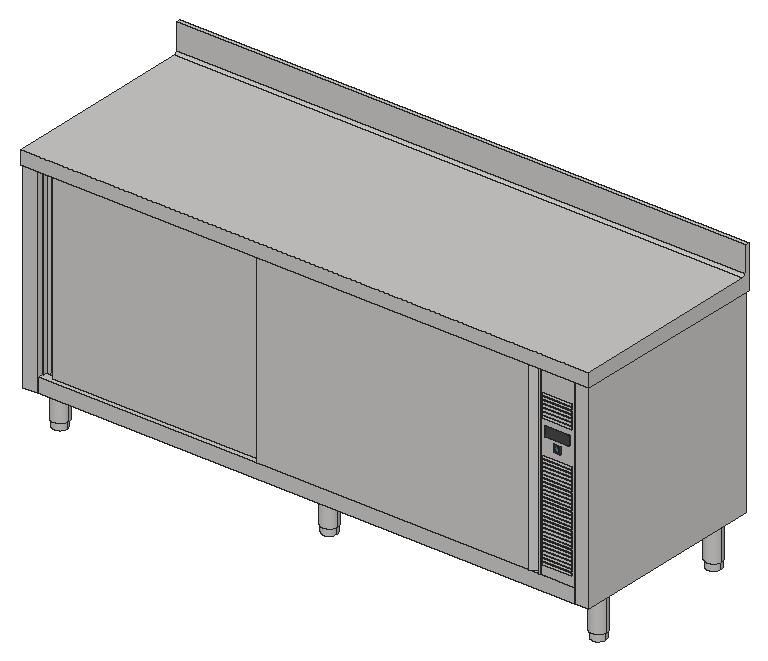
Revit family "QF_ZANUSSI_132795_MTC2010PN", category Attrezzature speciali, Revit 2020
Family settings
  Quota connettore circolare = Usa diametro
  Tipo di parte = Normale
  Basato su piano di lavoro = No
  Sempre verticale = Sì
  Taglio con vuoti quando caricato = No
  Condiviso = No
  Punto di calcolo locali = No
Parameters (values of type "Standard")
  Weight = 75.00 kg
  Watts = 2400 W
  Volts = 220 V
  URL Manufacturer = "http://www.zanussiprofessional.com"
  URL = "http://www.zanussiprofessional.com"
  Steam Supply Size = 0 mm
  Steam Supply Minimum Pressure = 0.0 Pa
  Steam Supply Maximum Pressure = 0.0 Pa
  Steam Consumption per Hour = 0
  Refrigeration Suction Line Size = 0.0 mm
  Refrigeration Liquid Line Size = 0.0 mm
  Refrigerant Compressor Remote = yes
  Prospetto di default = 0.0 mm
  Produttore = "Zanussi"
  Phase = 1
  Modello = "MTC2010PN"
  Length Actual = 2000.0 mm  # constant formula
  Item Number = "132795"
  Hot Water Size = 0 mm
  Height Actual = 1000.0 mm  # constant formula
  HP = "3.2 HP"
  Gas Size = 0 mm
  Gas KW = 0
  Gas Input Pressure = 0 W
  Direct Waste Size = 0 mm
  Descrizione = "HOT CUPB.VENT+UPST+SHELF+SLIDING D. 2000"
  Depth Actual = 700.0 mm  # constant formula
  Cycle = 50 Hz
  Condensate Return Size = 0 mm
  Compressed Air Volume = 0.0 L/s
  Compressed Air Size = 0 mm
  Compressed Air Pressure = 0.0 Pa
  Cold Water Size = 0 mm
  Accessory = yes
Reference planes
  plane 1 "Center (Front/Back)": y = 0
  plane 2: z = 0
  plane 3 "Center (Left/Right)": x = -500
  plane 4 "LEFT": x = -1500
  plane 5 "RIGHT": x = 500
  plane 6 "BACK": y = 350
  plane 7 "FRONT": y = -350
  plane 8 "Base": z = 850
  plane 9 "TOP": z = 900
  plane 10: x = -1446.5
  plane 11: x = 446.5
  plane 12: y = 264.5
  plane 13: y = -241.5
  plane 14 "BodyLeft": x = -1494.5
  plane 15 "BodyFront": y = -344.5
  plane 16 "BodyRight": x = 494.5
  plane 17 "BodyBack": y = 344.5
  plane 18 "FEET": z = 150
  plane 19: x = 324.5
  plane 20: x = -561
  plane 21: x = 444.5
  plane 22 "EIx": x = 400
  plane 23 "EIy": y = -170
Forms (mm)
  Extrusion 1, solid, material "QF_Finishes_Stainless Steel"
    sketch origin (-500, 0, 0) x (0, 1, 0) y (0, 0, 1)
      loop
        line (-350, 850) -> (350, 850) -> (350, 1000) -> (337, 1000) -> (337, 910)
        arc (337, 910) -> (334.071, 902.929) -> (327, 900) r 10
        line (327, 900) -> (-350, 900) -> (-350, 850)
    from 1000 to -1000
  Extrusion 2, solid, material "QF_Finishes_Stainless Steel"
    sketch origin (0, 0, 150) x (-1, 0, 0) y (0, -1, 0)
      loop
        line (1494.5, -344.5) -> (1494.5, 344.5) -> (1444.5, 344.5) -> (1444.5, -344.5) -> (1494.5, -344.5)
      loop
        line (-444.5, -344.5) -> (-444.5, 344.5) -> (-494.5, 344.5) -> (-494.5, -344.5) -> (-444.5, -344.5)
    from 0 to 700
  Extrusion 3, solid, material "QF_Finishes_Stainless Steel"
    sketch origin (0, 0, 150) x (-1, 0, 0) y (0, -1, 0)
      loop
        line (1444.5, -344.5) -> (1444.5, 344.5) -> (-444.5, 344.5) -> (-444.5, -344.5) -> (1444.5, -344.5)
    from 0 to 50
  Extrusion 4, solid, material "QF_Finishes_Stainless Steel"
    sketch origin (-1, 0, 150) x (-1, 0, 0) y (0, -1, 0)
      loop
        line (-325.5, 344.5) -> (-325.5, 324.5) -> (670.5, 324.5) -> (670.5, 344.5) -> (-285.5, 344.5) -> (-305.5, 329.5) -> (-320.5, 329.5) -> (-320.5, 344.5) -> (-325.5, 344.5)
    from 50 to 700
  Extrusion 5, solid, material "QF_Finishes_Stainless Steel"
    sketch origin (1, 20, 150) x (1, 0, 0) y (0, 1, 0)
      loop
        line (-1445.5, -344.5) -> (-1440.5, -344.5) -> (-1440.5, -329.5) -> (-1425.5, -329.5) -> (-1405.5, -344.5) -> (-451.5, -344.5) -> (-451.5, -324.5) -> (-1445.5, -324.5) -> (-1445.5, -344.5)
    from 50 to 700
  Extrusion 6, solid, material "QF_Finishes_Stainless Steel"
    sketch origin (0, 0, 0) x (1, 0, 0) y (0, 1, 0)
      loop
        line (-1444.5, -304.5) -> (324.5, -304.5) -> (324.5, 324.5) -> (-1444.5, 324.5) -> (-1444.5, -304.5)
    from 500 to 540
  Extrusion 7, solid, material "QF_Finishes_Stainless Steel"
    sketch origin (0, 0, 0) x (1, 0, 0) y (0, 1, 0)
      loop
        line (444.5, 344.5) -> (-1444.5, 344.5) -> (-1444.5, 324.5) -> (444.5, 324.5) -> (444.5, 344.5)
    from 200 to 850
  Extrusion 8, solid, material "QF_Finishes_Stainless Steel"
    sketch origin (0, 0, 150) x (-1, 0, 0) y (0, -1, 0)
      loop
        circle (-400, 170) r 10
    from 0 to -5
Cuts and joins
  joined: Extrusion 3, Extrusion 7
Lines and regions (mm)
  symbolic lines
    curve 1: line (500, 350, 900) -> (-1500, 350, 900)
    curve 2: line (-1500, 350, 900) -> (-1500, -350, 900)
    curve 3: line (-1500, -350, 900) -> (500, -350, 900)
    curve 4: line (500, -350, 900) -> (500, 350, 900)
    curve 15: line (500, 337, 900) -> (-1500, 337, 900)
  symbolic lines, style "SpecialityEquipmentHiddenLines"
    curve 5: line (-1494.5, 344.5, 150) -> (494.5, 344.5, 150)
    curve 6: line (-1494.5, -344.5, 150) -> (-1494.5, 344.5, 150)
    curve 7: line (494.5, -344.5, 150) -> (-1494.5, -344.5, 150)
    curve 8: line (494.5, 344.5, 150) -> (494.5, -344.5, 150)
    curve 9: line (-1445.5, -304.5, 150) -> (-449.5, -304.5, 150)
    curve 10: line (-449.5, -304.5, 150) -> (-449.5, -324.5, 150)
    curve 11: line (-1445.5, -324.5, 150) -> (324.5, -324.5, 150)
    curve 12: line (324.5, -324.5, 150) -> (324.5, -344.5, 150)
    curve 13: line (-1445.5, -304.5, 150) -> (-1445.5, -324.5, 150)
    curve 14: line (-671.5, -344.5, 0) -> (-671.5, -324.5, 0)
Dimensions and locks
  plane 4 "LEFT" to plane 5 "RIGHT" = 2000.0 mm
  equal spacing: plane 4 "LEFT", plane 3 "Center (Left/Right)", plane 5 "RIGHT"
  locked: plane 8 "Base" to level at 850
  plane 6 "BACK" to plane 7 "FRONT" = 700.0 mm
  equal spacing: plane 6 "BACK", plane 1 "Center (Front/Back)", plane 7 "FRONT"
  locked: plane 4 "LEFT" to plane 14 "BodyLeft" at 5.5
  locked: plane 16 "BodyRight" to plane 5 "RIGHT" at 5.5
  locked: plane 15 "BodyFront" to plane 7 "FRONT" at 5.5
  locked: plane 6 "BACK" to plane 17 "BodyBack" at 5.5
  locked: plane 14 "BodyLeft" to plane 10 at 48
  locked: plane 11 to plane 16 "BodyRight" at 48
  locked: plane 13 to plane 15 "BodyFront" at 103
  locked: plane 17 "BodyBack" to plane 12 at 80
  plane 10 to plane 11 = 1893.0 mm
  plane 12 to plane 13 = 506.0 mm
  locked: plane 14 "BodyLeft" to Extrusion 2 sketch curve at 50
  locked: Extrusion 2 sketch curve to Extrusion 2 sketch curve at 50
  equal spacing: plane 10, plane 20, plane 19
  locked: plane 21 to plane 16 "BodyRight" at 50
  locked: plane 19 to plane 21 at 120
  locked: Extrusion 4 sketch curve to plane 20 at 110.5
  locked: plane 20 to Extrusion 5 sketch curve at 110.5
  locked: plane 18 "FEET" to level at 150
  locked: plane 22 "EIx" to plane 5 "RIGHT" at 100
  plane 23 "EIy" to plane 7 "FRONT" = 180.0 mm
  locked: Extrusion 1 to level at 1000
  plane 9 "TOP" to level = 900.0 mm
  aligned and locked: level to plane 2
  aligned and locked: plane 10 to nested 1
  aligned and locked: nested 1 to plane 13
  aligned and locked: plane 11 to nested 2
  aligned and locked: nested 2 to plane 13
  aligned and locked: plane 11 to nested 4
  aligned and locked: nested 4 to plane 12
  aligned and locked: plane 10 to nested 3
  aligned and locked: nested 3 to plane 12
  aligned and locked: Extrusion 1 to plane 4 "LEFT"
  aligned and locked: plane 5 "RIGHT" to Extrusion 1
  aligned and locked: curve 2 to plane 4 "LEFT"
  aligned and locked: plane 17 "BodyBack" to Extrusion 2 sketch curve
  aligned and locked: Extrusion 2 sketch curve to plane 15 "BodyFront"
  aligned and locked: Extrusion 2 sketch curve to plane 14 "BodyLeft"
  aligned and locked: plane 16 "BodyRight" to Extrusion 2 sketch curve
  aligned and locked: Extrusion 2 sketch curve to plane 17 "BodyBack"
  aligned and locked: plane 15 "BodyFront" to Extrusion 2 sketch curve
  aligned and locked: Extrusion 3 sketch curve to plane 17 "BodyBack"
  aligned and locked: plane 15 "BodyFront" to Extrusion 3 sketch curve
  aligned and locked: plane 8 "Base" to Extrusion 2
  aligned and locked: plane 8 "Base" to Extrusion 4
  aligned and locked: Extrusion 4 to Extrusion 3
  aligned and locked: Extrusion 1 to plane 8 "Base"
  aligned and locked: plane 9 "TOP" to Extrusion 1
  aligned and locked: curve 5 to plane 17 "BodyBack"
  aligned and locked: plane 14 "BodyLeft" to curve 6
  aligned and locked: plane 15 "BodyFront" to curve 7
  aligned and locked: plane 16 "BodyRight" to curve 8
  aligned and locked: Extrusion 3 to Extrusion 2  (x2)
  aligned and locked: Extrusion 6 sketch curve to Extrusion 2
  aligned and locked: Extrusion 6 sketch curve to Extrusion 5
  aligned and locked: nested 5 to plane 21
  aligned and locked: Extrusion 7 sketch curve to Extrusion 2
  aligned and locked: Extrusion 6 sketch curve to plane 19
  aligned and locked: plane 3 "Center (Left/Right)" to nested 6
  aligned and locked: plane 3 "Center (Left/Right)" to nested 7
Automatic sketch dimensions
  Extrusion 8 sketch curve to plane 22 "EIx" = 0.0 mm
  Extrusion 8 sketch curve to plane 23 "EIy" = 0.0 mm
  curve 14 to plane 15 "BodyFront" = 0.0 mm
  plane 15 "BodyFront" to curve 14 = 20.0 mm
  curve 14 to plane 20 = 110.5 mm
  curve 3 to plane 7 "FRONT" = 0.0 mm
  curve 15 to plane 5 "RIGHT" = 0.0 mm
  curve 4 to plane 6 "BACK" = 0.0 mm
  curve 15 to plane 17 "BodyBack" = 7.5 mm
  Extrusion 1 sketch curve to plane 7 "FRONT" = 0.0 mm
  Extrusion 1 sketch curve to plane 9 "TOP" = 0.0 mm
  Extrusion 1 sketch curve to plane 6 "BACK" = 0.0 mm
  Extrusion 1 sketch curve to plane 8 "Base" = 0.0 mm
  Extrusion 1 sketch curve to plane 17 "BodyBack" = 17.5 mm
  Extrusion 1 sketch curve to plane 17 "BodyBack" = 7.5 mm
  Extrusion 1 sketch curve to Extrusion 1 sketch curve = 90.0 mm
  Extrusion 3 sketch curve to plane 21 = 0.0 mm
  plane 10 to Extrusion 3 sketch curve = 2.0 mm
  Extrusion 4 sketch curve to plane 19 = 0.0 mm
  Extrusion 4 sketch curve to plane 15 "BodyFront" = 0.0 mm  (x2)
  Extrusion 4 sketch curve to Extrusion 4 sketch curve = 5.0 mm
  Extrusion 4 sketch curve to Extrusion 4 sketch curve = 15.0 mm  (x2)
  Extrusion 4 sketch curve to Extrusion 4 sketch curve = 20.0 mm
  plane 15 "BodyFront" to Extrusion 4 sketch curve = 20.0 mm
  Extrusion 5 sketch curve to plane 15 "BodyFront" = 20.0 mm  (x2)
  Extrusion 5 sketch curve to plane 10 = 42.0 mm
  Extrusion 5 sketch curve to plane 10 = 22.0 mm
  Extrusion 5 sketch curve to plane 10 = 7.0 mm
  Extrusion 5 sketch curve to plane 10 = 2.0 mm
  Extrusion 5 sketch curve to Extrusion 5 sketch curve = 15.0 mm
  Extrusion 5 sketch curve to Extrusion 5 sketch curve = 20.0 mm
  Extrusion 6 sketch curve to plane 17 "BodyBack" = 20.0 mm
  Extrusion 7 sketch curve to plane 21 = 0.0 mm
  Extrusion 7 sketch curve to plane 17 "BodyBack" = 0.0 mm
  Extrusion 7 sketch curve to Extrusion 7 sketch curve = 20.0 mm
  curve 11 to plane 19 = 0.0 mm
  curve 7 to plane 15 "BodyFront" = 0.0 mm
  plane 3 "Center (Left/Right)" to curve 10 = 50.5 mm
  plane 10 to curve 13 = 1.0 mm
  plane 15 "BodyFront" to curve 9 = 40.0 mm
  plane 15 "BodyFront" to curve 13 = 20.0 mm
  radius of Extrusion 8 sketch curve = 10.0 mm
Nested families
  nested 1: "FEET_D58-150" at (-1446.5, -241.5, 0), type "FEET_D58-150"
  nested 2: "FEET_D58-150" at (446.5, -241.5, 0), type "FEET_D58-150"
  nested 3: "FEET_D58-150" at (-1446.5, 264.5, 0), type "FEET_D58-150"
  nested 4: "FEET_D58-150" at (446.5, 264.5, 0), type "FEET_D58-150"
  nested 5: "WT_PNL120x650" at (531.42, -304.5, 600) x (1, 0, 0) z (0, -1, 0), type "WT_PNL120x650"
    with Show Logo yes
  nested 6: "FEET_D58-150" at (-500, -241.5, 0), type "FEET_D58-150"
  nested 7: "FEET_D58-150" at (-500, 264.5, 0), type "FEET_D58-150"
Connectors
  electrical at (400, -170, 145)
    settings: on Extrusion 8, index 1, voltage 0 V, apparent load 0 VA, apparent load phase1 0 VA, apparent load phase2 0 VA, apparent load phase3 0 VA, power factor 1, load classification "Other", number of poles 1, system type 30, power factor state 1, is connector primary yes, connector utility no, sub classification motor no, connector description "Electrical connection"
Definition of nested family "FEET_D58-150"
  Parameters
    Default Elevation = 0.0 mm
    FEET = 150.0 mm
  Reference planes
    plane 1 "Center (Front/Back)": y = 0
    plane 2: z = 0
    plane 3 "Center (Left/Right)": x = 0
    plane 4: z = 150
  Forms (mm)
    Extrusion 1, solid
      sketch origin (0, 0, 0) x (1, 0, 0) y (0, 1, 0)
        loop
          circle (0, 0) r 25
      from 0 to 25
    Extrusion 2, solid
      sketch origin (0, 0, 0) x (1, 0, 0) y (0, 1, 0)
        loop
          circle (0.061, 0) r 29
      from 25 to 150 <- "FEET"
  Lines and regions (mm)
    symbolic lines
      curve 1: line (0, -1.503, 0) -> (0, 1.508, 0)
      curve 2: line (1.561, 0, 0) -> (-1.439, 0, 0)
  Dimensions and locks
    "FEET": plane 4 to plane 2
    aligned and locked: level to plane 2
  Automatic sketch dimensions
    plane 1 "Center (Front/Back)" to Extrusion 1 sketch curve = 0.0 mm
    Extrusion 1 sketch curve to plane 3 "Center (Left/Right)" = 0.0 mm
    plane 1 "Center (Front/Back)" to curve 2 = 0.0 mm
    curve 1 to plane 3 "Center (Left/Right)" = 0.0 mm
    curve 2 to plane 3 "Center (Left/Right)" = 1.439 mm
    plane 3 "Center (Left/Right)" to curve 2 = 1.561 mm
    plane 1 "Center (Front/Back)" to curve 1 = 1.503 mm
    curve 1 to plane 1 "Center (Front/Back)" = 1.508 mm
    plane 1 "Center (Front/Back)" to Extrusion 2 sketch curve = 0.0 mm
    plane 3 "Center (Left/Right)" to Extrusion 2 sketch curve = 0.061 mm
    radius of Extrusion 1 sketch curve = 25.0 mm
    radius of Extrusion 2 sketch curve = 29.0 mm
Definition of nested family "WT_PNL120x650"
  Parameters
    Show Logo [instance] = yes
    Default Elevation = 1219.2 mm
  Reference planes
    plane 1 "Center (Front/Back)": y = -75
    plane 2: z = 0
    plane 3 "Center (Left/Right)": x = -146.92
    plane 4: x = -206.92
    plane 5: x = -86.92
    plane 6: y = 250
    plane 7: y = -400
    plane 8 "TOP": z = 40
  Forms (mm)
    Extrusion 1, solid
      sketch origin (0, 0, 0) x (1, 0, 0) y (0, 1, 0)
        loop
          line (-1219.2, 1219.2) -> (-1219.2, -1219.2) -> (1219.2, -1219.2) -> (1219.2, 1219.2) -> (-1219.2, 1219.2)
      from 0 to -304.8
    Extrusion 2, solid
      sketch origin (0, 0, 0) x (1, 0, 0) y (0, 1, 0)
        loop
          line (-206.92, 250) -> (-206.92, -400) -> (-86.92, -400) -> (-86.92, 250) -> (-206.92, 250)
      from 0 to 40
    Extrusion 3, void
      sketch origin (0, 0, 40) x (-1, 0, 0) y (0, -1, 0)
        loop
          arc (101.92, -68.899) -> (103.795, -73.256) -> (108.247, -74.89) r 6
          line (108.247, -74.89) -> (185.92, -74.89)
          arc (185.92, -74.89) -> (190.163, -73.133) -> (191.92, -68.89) r 6
          line (191.92, -68.89) -> (191.92, -45.89)
          arc (191.92, -45.89) -> (190.163, -41.648) -> (185.92, -39.89) r 6
          line (185.92, -39.89) -> (107.92, -39.89)
          arc (107.92, -39.89) -> (103.677, -41.648) -> (101.92, -45.89) r 6
          line (101.92, -45.89) -> (101.92, -68.899)
        loop
          line (158.92, -27.89) -> (158.92, -2.89) -> (134.92, -2.89) -> (134.92, -27.89) -> (158.92, -27.89)
      from -2 to 0
    Extrusion 4, solid
      sketch origin (0, 0, 40) x (-1, 0, 0) y (0, -1, 0)
        loop
          line (185.92, -39.89) -> (107.92, -39.89)
          arc (107.92, -39.89) -> (103.677, -41.648) -> (101.92, -45.89) r 6
          line (101.92, -45.89) -> (101.92, -68.899)
          arc (101.92, -68.899) -> (103.795, -73.256) -> (108.247, -74.89) r 6
          line (108.247, -74.89) -> (185.92, -74.89)
          arc (185.92, -74.89) -> (190.163, -73.133) -> (191.92, -68.89) r 6
          line (191.92, -68.89) -> (191.92, -45.89)
          arc (191.92, -45.89) -> (190.163, -41.648) -> (185.92, -39.89) r 6
      from -2 to 1
    Extrusion 5, solid
      sketch origin (-146.92, 0, 0) x (0, 1, 0) y (0, 0, 1)
        loop
          line (95.896, 40) -> (104.899, 40) -> (95.896, 41.206) -> (95.896, 40)
        loop
          line (107.896, 40) -> (116.899, 40) -> (107.896, 41.206) -> (107.896, 40)
        loop
          line (119.896, 40) -> (128.899, 40) -> (119.896, 41.206) -> (119.896, 40)
        loop
          line (131.896, 40) -> (140.899, 40) -> (131.896, 41.206) -> (131.896, 40)
        loop
          line (143.896, 40) -> (152.899, 40) -> (143.896, 41.206) -> (143.896, 40)
        loop
          line (155.896, 40) -> (164.899, 40) -> (155.896, 41.206) -> (155.896, 40)
        loop
          line (167.896, 40) -> (176.899, 40) -> (167.896, 41.206) -> (167.896, 40)
        loop
          line (-102.104, 40) -> (-93.101, 40) -> (-102.104, 41.206) -> (-102.104, 40)
        loop
          line (-90.104, 40) -> (-81.101, 40) -> (-90.104, 41.206) -> (-90.104, 40)
        loop
          line (-78.104, 40) -> (-69.101, 40) -> (-78.104, 41.206) -> (-78.104, 40)
        loop
          line (-66.104, 40) -> (-57.101, 40) -> (-66.104, 41.206) -> (-66.104, 40)
        loop
          line (-54.104, 40) -> (-45.101, 40) -> (-54.104, 41.206) -> (-54.104, 40)
        loop
          line (-42.104, 40) -> (-33.101, 40) -> (-42.104, 41.206) -> (-42.104, 40)
        loop
          line (-30.104, 40) -> (-21.101, 40) -> (-30.104, 41.206) -> (-30.104, 40)
        loop
          line (-174.104, 40) -> (-165.101, 40) -> (-174.104, 41.206) -> (-174.104, 40)
        loop
          line (-162.104, 40) -> (-153.101, 40) -> (-162.104, 41.206) -> (-162.104, 40)
        loop
          line (-150.104, 40) -> (-141.101, 40) -> (-150.104, 41.206) -> (-150.104, 40)
        loop
          line (-138.104, 40) -> (-129.101, 40) -> (-138.104, 41.206) -> (-138.104, 40)
        loop
          line (-126.104, 40) -> (-117.101, 40) -> (-126.104, 41.206) -> (-126.104, 40)
        loop
          line (-114.104, 40) -> (-105.101, 40) -> (-114.104, 41.206) -> (-114.104, 40)
        loop
          line (-246.104, 40) -> (-237.101, 40) -> (-246.104, 41.206) -> (-246.104, 40)
        loop
          line (-234.104, 40) -> (-225.101, 40) -> (-234.104, 41.206) -> (-234.104, 40)
        loop
          line (-222.104, 40) -> (-213.101, 40) -> (-222.104, 41.206) -> (-222.104, 40)
        loop
          line (-210.104, 40) -> (-201.101, 40) -> (-210.104, 41.206) -> (-210.104, 40)
        loop
          line (-198.104, 40) -> (-189.101, 40) -> (-198.104, 41.206) -> (-198.104, 40)
        loop
          line (-186.104, 40) -> (-177.101, 40) -> (-186.104, 41.206) -> (-186.104, 40)
        loop
          line (-318.104, 40) -> (-309.101, 40) -> (-318.104, 41.206) -> (-318.104, 40)
        loop
          line (-306.104, 40) -> (-297.101, 40) -> (-306.104, 41.206) -> (-306.104, 40)
        loop
          line (-294.104, 40) -> (-285.101, 40) -> (-294.104, 41.206) -> (-294.104, 40)
        loop
          line (-282.104, 40) -> (-273.101, 40) -> (-282.104, 41.206) -> (-282.104, 40)
        loop
          line (-270.104, 40) -> (-261.101, 40) -> (-270.104, 41.206) -> (-270.104, 40)
        loop
          line (-258.104, 40) -> (-249.101, 40) -> (-258.104, 41.206) -> (-258.104, 40)
        loop
          line (-366.104, 40) -> (-357.101, 40) -> (-366.104, 41.206) -> (-366.104, 40)
        loop
          line (-354.104, 40) -> (-345.101, 40) -> (-354.104, 41.206) -> (-354.104, 40)
        loop
          line (-342.104, 40) -> (-333.101, 40) -> (-342.104, 41.206) -> (-342.104, 40)
        loop
          line (-330.104, 40) -> (-321.101, 40) -> (-330.104, 41.206) -> (-330.104, 40)
      from -50 to 50
    Extrusion 6, solid
      sketch origin (0, 0, 40) x (-1, 0, 0) y (0, -1, 0)
        loop
          line (134.92, -27.89) -> (158.92, -27.89) -> (158.92, -2.89) -> (134.92, -2.89) -> (134.92, -27.89)
        loop
          circle (146.92, -15.39) r 9
      from -2 to 3
    Extrusion 7, solid
      sketch origin (0, 0, 40) x (-1, 0, 0) y (0, -1, 0)
        loop
          circle (146.92, -15.39) r 9
      from 0 to 3
  Cuts and joins
    Extrusion 3 cuts Extrusion 2
  Dimensions and locks
    equal spacing: plane 6, plane 1 "Center (Front/Back)", plane 7
    equal spacing: plane 4, plane 3 "Center (Left/Right)", plane 5
    plane 8 "TOP" to level = 40.0 mm
    aligned and locked: plane 2 to Extrusion 1
    aligned and locked: level to Extrusion 1
  Automatic sketch dimensions
    Extrusion 1 sketch curve to Extrusion 1 sketch curve = 2438.4 mm  (x2)
    Extrusion 2 sketch curve to plane 4 = 0.0 mm
    Extrusion 2 sketch curve to plane 5 = 0.0 mm
    Extrusion 2 sketch curve to plane 7 = 0.0 mm
    Extrusion 2 sketch curve to plane 6 = 0.0 mm
    Extrusion 5 sketch curve to plane 8 "TOP" = 0.0 mm  (x36)
    Extrusion 5 sketch curve to Extrusion 5 sketch curve = 9.003 mm  (x35)
    plane 8 "TOP" to Extrusion 5 sketch curve = 1.206 mm  (x22)
    Extrusion 5 sketch curve to Extrusion 5 sketch curve = 2.997 mm  (x33)
    plane 1 "Center (Front/Back)" to Extrusion 5 sketch curve = 6.101 mm
    plane 1 "Center (Front/Back)" to Extrusion 5 sketch curve = 3.104 mm
    Extrusion 5 sketch curve to plane 1 "Center (Front/Back)" = 5.899 mm
    Extrusion 5 sketch curve to Extrusion 5 sketch curve = 116.997 mm
    Extrusion 5 sketch curve to Extrusion 5 sketch curve = 1.206 mm  (x14)
    Extrusion 4 sketch curve to plane 5 = 15.0 mm
    Extrusion 4 sketch curve to Extrusion 4 sketch curve = 6.0 mm  (x3)
    Extrusion 4 sketch curve to Extrusion 4 sketch curve = 0.327 mm
    plane 4 to Extrusion 4 sketch curve = 21.0 mm  (x2)
    Extrusion 4 sketch curve to plane 1 "Center (Front/Back)" = 149.89 mm
    Extrusion 4 sketch curve to Extrusion 4 sketch curve = 23.009 mm
    Extrusion 3 sketch curve to plane 5 = 15.0 mm
    Extrusion 3 sketch curve to Extrusion 3 sketch curve = 6.0 mm  (x3)
    Extrusion 3 sketch curve to Extrusion 3 sketch curve = 0.327 mm
    plane 3 "Center (Left/Right)" to Extrusion 3 sketch curve = 12.0 mm
    Extrusion 3 sketch curve to plane 3 "Center (Left/Right)" = 12.0 mm
    plane 4 to Extrusion 3 sketch curve = 21.0 mm  (x2)
    Extrusion 3 sketch curve to plane 1 "Center (Front/Back)" = 149.89 mm
    Extrusion 3 sketch curve to Extrusion 3 sketch curve = 23.0 mm
    Extrusion 3 sketch curve to Extrusion 3 sketch curve = 12.0 mm
    Extrusion 3 sketch curve to Extrusion 3 sketch curve = 25.0 mm
    Extrusion 6 sketch curve to plane 3 "Center (Left/Right)" = 0.0 mm
    plane 3 "Center (Left/Right)" to Extrusion 6 sketch curve = 12.0 mm
    Extrusion 6 sketch curve to plane 3 "Center (Left/Right)" = 12.0 mm
    Extrusion 6 sketch curve to plane 1 "Center (Front/Back)" = 102.89 mm
    Extrusion 6 sketch curve to Extrusion 6 sketch curve = 12.5 mm  (x2)
    Extrusion 7 sketch curve to plane 3 "Center (Left/Right)" = 0.0 mm
    Extrusion 7 sketch curve to plane 1 "Center (Front/Back)" = 90.39 mm
    radius of Extrusion 6 sketch curve = 9.0 mm
    radius of Extrusion 7 sketch curve = 9.0 mm
